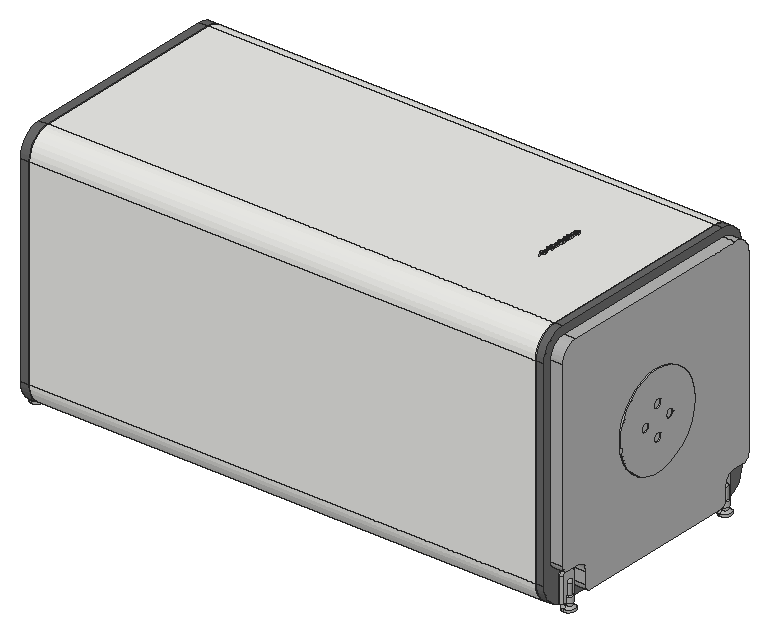
Revit family "HC_Heat Pump_MEPcontent_Itho Daalderop_WPV-H 3G_NL-NL1", category Mechanical Equipment, Revit 2021
Family settings
  Round Connector Dimension = Use Diameter
  Classification = None
  Part Type = Normal
  OmniClass Number = 23.75.10.21
  OmniClass Title = Heat Pumps
  Work Plane-Based = No
  Always vertical = Yes
  Cut with Voids When Loaded = No
  Shared = No
  Room Calculation Point = No
Parameters (values of type "WPV-H 200L 3G")
  Wholesaler Art. No. = ""
  Wholesaler = ""
  Width = 1302.00 mm
  White = Color RAL 9003
  Watermarked By = "https://mep.trimble.com"
  Voltage = 230 V
  URL = "https://mep.trimble.com"
  Top Clearance Safe [instance] = if(Top Clearance < 150.00 mm, 150.00 mm, Top Clearance)  # 150.00 mm
  Top Clearance [instance] = 150.00 mm
  Stabu Code = ""
  Show Service Space [instance] = no
  Right Clearance Safe [instance] = if(Right Clearance < 200.00 mm, 200.00 mm, Right Clearance)  # 200.00 mm
  Right Clearance [instance] = 200.00 mm
  Revit Version = "2021"  # constant formula
  Product Line = "Itho Daalderop"  # constant formula
  Power [instance] = 0 VA
  Phase = 1
  Model = "WPV-H 200L 3G"
  Manufacturer URL = "https://www.ithodaalderop.nl/nl-NL/professional/product/03-00730"
  Manufacturer Art. No. = "03-00730"
  Manufacturer = "Itho Daalderop"  # constant formula
  MEPcontent Class = "HEATPUMP"  # constant formula
  Light Grey = Color RAL 9006
  Left Clearance Safe [instance] = if(Left Clearance < 50.00 mm, 50.00 mm, Left Clearance)  # 50.00 mm
  Left Clearance [instance] = 50.00 mm
  Internal Art. No. = ""
  IFCExportType = "NOTDEFINED"  # constant formula
  IFCExportAs = "IfcPump"  # constant formula
  Hydronic Supply Flow [instance] = Hydronic Return Flow  # 0.0 L/s
  Hydronic Supply Diameter = 22.00 mm
  Hertz = 50 Hz
  GTIN = "8713418049166"
  GLN = "8712922000014"
  Function Code [instance] = ""
  Front Clearance [instance] = 50.00 mm
  Family Version = "23.10"  # constant formula
  ETIM Article Class = "EC011794"  # constant formula
  EMCS Version = "5.0"  # constant formula
  Hydronic Return Diameter = 22.00 mm
  Hydronic Return Flow [instance] = 0.0 L/s
  Height = 614.00 mm
  Front Clearance Safe [instance] = if(Front Clearance < 50.00 mm, 50.00 mm, Front Clearance)  # 50.00 mm
  Domestic Hot Water Flow [instance] = Domestic Cold Water Flow  # 0.0 L/s
  Domestic Hot Water Diameter = 22.00 mm
  Domestic Cold Water Flow [instance] = 0.0 L/s
  Domestic Cold Water Diameter = 22.00 mm
  Description = "Warmtepomp voorraadvat horizontaal"  # constant formula
  Depth = 600.00 mm
  Default Elevation = 0.00 mm
  Custom = no
  Copyright = "© Trimble Europe BV"  # constant formula
  Content Supplier URL = "www.MEPcontent.com"
  CB-NL Class = ""
  Black = Color RGB 050-050-050
  Base Family Version = "23.10"  # constant formula
  Back Clearance Safe [instance] = if(Back Clearance < 50.00 mm, 50.00 mm, Back Clearance)  # 50.00 mm
  Back Clearance [instance] = 50.00 mm
  Article Type = "WPV-H 200L 3G"
  Article Description = "Warmtepomp voorraadvat horizontaal"
Types (3, lengths in mm): name | Width | Model | Manufacturer URL | Manufacturer Art. No. | GTIN | Article Type
  WPV-H 200L 3G | 1302.00 | "WPV-H 200L 3G" | "https://www.ithodaalderop.nl/nl-NL/professional/product/03-00730" | "03-00730" | "8713418049166" | "WPV-H 200L 3G"
  WPV-H 240L 3G | 1540.00 | "WPV-H 240L 3G" | "https://www.ithodaalderop.nl/nl-NL/professional/product/03-00731" | "03-00731" | "8713418049173" | "WPV-H 240L 3G"
  WPV-H 270L 3G | 1690.00 | "WPV-H 270L 3G" | "https://www.ithodaalderop.nl/nl-NL/professional/product/03-00732" | "03-00732" | "8713418049180" | "WPV-H 270L 3G"
Reference planes
  plane 1 "Center (Elevation)": y = 0
  plane 2: z = 0
  plane 3 "Center (Left/Right)": x = 0
  plane 4: x = -651
  plane 5: x = 651
  plane 6: x = -630
  plane 7: x = 600
Forms (mm)
  Extrusion 1, solid, material "Color RAL 9003" <- "White", detail levels fine
    sketch origin (0, 0, 314) x (0, 1, 0) y (0, 0, 1)
      loop
        line (242.4, 300) -> (-242.4, 300)
        arc (-242.4, 300) -> (-283.129, 283.129) -> (-300, 242.4) r 57.6
        line (-300, 242.4) -> (-300, -242.4)
        arc (-300, -242.4) -> (-283.129, -283.129) -> (-242.4, -300) r 57.6
        line (-242.4, -300) -> (242.4, -300)
        arc (242.4, -300) -> (283.129, -283.129) -> (300, -242.4) r 57.6
        line (300, -242.4) -> (300, 242.4)
        arc (300, 242.4) -> (283.129, 283.129) -> (242.4, 300) r 57.6
    from -630 to 600
  Extrusion 2, solid, material "Color RGB 050-050-050" <- "Black", detail levels fine
    sketch origin (-2020, 0, 314) x (0, 1, 0) y (0, 0, 1)
      loop
        line (242.4, 300) -> (-242.4, 300)
        arc (-242.4, 300) -> (-283.129, 283.129) -> (-300, 242.4) r 57.6
        line (-300, 242.4) -> (-300, -242.4)
        arc (-300, -242.4) -> (-283.129, -283.129) -> (-242.4, -300) r 57.6
        line (-242.4, -300) -> (242.4, -300)
        arc (242.4, -300) -> (283.129, -283.129) -> (300, -242.4) r 57.6
        line (300, -242.4) -> (300, 242.4)
        arc (300, 242.4) -> (283.129, 283.129) -> (242.4, 300) r 57.6
    from 1369 to 1390
  Extrusion 3, solid, material "Color RGB 050-050-050" <- "Black", detail levels fine
    sketch origin (-751.468, 0, 314) x (0, 1, 0) y (0, 0, 1)
      loop
        line (242.4, 300) -> (-242.4, 300)
        arc (-242.4, 300) -> (-283.129, 283.129) -> (-300, 242.4) r 57.6
        line (-300, 242.4) -> (-300, -242.4)
        arc (-300, -242.4) -> (-283.129, -283.129) -> (-242.4, -300) r 57.6
        line (-242.4, -300) -> (242.4, -300)
        arc (242.4, -300) -> (283.129, -283.129) -> (300, -242.4) r 57.6
        line (300, -242.4) -> (300, 242.4)
        arc (300, 242.4) -> (283.129, 283.129) -> (242.4, 300) r 57.6
    from 1351.468 to 1371.468
  Extrusion 4, solid, material "Color RAL 9006" <- "Light Grey", detail levels fine
    sketch origin (620, 0, 314) x (0, 1, 0) y (0, 0, 1)
      loop
        line (242.5, 281.5) -> (-242.5, 281.5)
        arc (-242.5, 281.5) -> (-270.077, 270.077) -> (-281.5, 242.5) r 39
        line (-281.5, 242.5) -> (-281.5, -196.5)
        arc (-281.5, -196.5) -> (-277.107, -207.107) -> (-266.5, -211.5) r 15
        line (-266.5, -211.5) -> (-237, -211.5)
        arc (-237, -211.5) -> (-218.969, -218.969) -> (-211.5, -237) r 25.5
        line (-211.5, -237) -> (-211.5, -266.5)
        arc (-211.5, -266.5) -> (-207.107, -277.107) -> (-196.5, -281.5) r 15
        line (-196.5, -281.5) -> (196.5, -281.5)
        arc (196.5, -281.5) -> (207.107, -277.107) -> (211.5, -266.5) r 15
        line (211.5, -266.5) -> (211.5, -237)
        arc (211.5, -237) -> (218.969, -218.969) -> (237, -211.5) r 25.5
        line (237, -211.5) -> (266.5, -211.5)
        arc (266.5, -211.5) -> (277.107, -207.107) -> (281.5, -196.5) r 15
        line (281.5, -196.5) -> (281.5, 242.5)
        arc (281.5, 242.5) -> (270.077, 270.077) -> (242.5, 281.5) r 39
    from 0 to 31
  Extrusion 5, solid, material "Color RAL 9006" <- "Light Grey", detail levels fine
    sketch origin (651, 0, 314) x (0, 1, 0) y (0, 0, 1)
      loop
        circle (0, 0) r 112.5
    from 0 to 5
  Extrusion 6, void
    sketch origin (656, 0, 314) x (0, 1, 0) y (0, 0, 1)
      loop
        circle (0, 36.8) r 11
      loop
        circle (-36.8, 0) r 11
      loop
        circle (0, -36.8) r 11
      loop
        circle (36.8, 0) r 11
    from 0 to -5
  Extrusion 7, solid, material "Color RAL 9006" <- "Light Grey", detail levels fine
    sketch origin (620, 0, 314) x (0, 1, 0) y (0, 0, 1)
      loop
        line (216.7, -237.1) -> (216.7, -296.5) -> (257.1, -296.5) -> (257.1, -237.1)
        arc (257.1, -237.1) -> (236.9, -216.9) -> (216.7, -237.1) r 20.2
      loop
        arc (-216.7, -237.1) -> (-236.9, -216.9) -> (-257.1, -237.1) r 20.2
        line (-257.1, -237.1) -> (-257.1, -296.5) -> (-216.7, -296.5) -> (-216.7, -237.1)
    from 0 to 5
  Blend 8, solid, material "Color RAL 9006" <- "Light Grey", detail levels fine
    base sketch origin (625, 0, 314) x (0, 1, 0) y (0, 0, 1)
      loop
        line (257.1, -296.5) -> (257.1, -237.1)
        arc (257.1, -237.1) -> (236.9, -216.9) -> (216.7, -237.1) r 20.2
        line (216.7, -237.1) -> (216.7, -296.5) -> (257.1, -296.5)
    top sketch origin (625, 0, 314) x (0, 1, 0) y (0, 0, 1)
      loop
        line (251.9, -296.5) -> (251.9, -237.1)
        arc (251.9, -237.1) -> (236.9, -222.1) -> (221.9, -237.1) r 15
        line (221.9, -237.1) -> (221.9, -296.5) -> (251.9, -296.5)
    from 0 to 5.2
  Revolve 9, solid, material "Color RAL 9006" <- "Light Grey", detail levels fine
    sketch origin (630.2, 0, 314) x (0, 1, 0) y (0, 0, 1)
      loop
        line (246.6, -296.5) -> (246.6, -285) -> (243.3, -281.7) -> (243.3, -254.9)
        arc (243.3, -254.9) -> (241.425, -250.375) -> (236.9, -248.5) r 6.4
        line (236.9, -248.5) -> (236.9, -296.5) -> (246.6, -296.5)
      axis (236.9, -296.5) -> (236.9, -248.5)
    angle from 0 to 360
  Blend 10, solid, material "Color RAL 9006" <- "Light Grey", detail levels fine
    base sketch origin (625, 0, 314) x (0, 1, 0) y (0, 0, 1)
      loop
        line (-257.1, -296.5) -> (-216.7, -296.5) -> (-216.7, -237.1)
        arc (-216.7, -237.1) -> (-236.9, -216.9) -> (-257.1, -237.1) r 20.2
        line (-257.1, -237.1) -> (-257.1, -296.5)
    top sketch origin (625, 0, 314) x (0, 1, 0) y (0, 0, 1)
      loop
        line (-251.9, -296.5) -> (-221.9, -296.5) -> (-221.9, -237.1)
        arc (-221.9, -237.1) -> (-236.9, -222.1) -> (-251.9, -237.1) r 15
        line (-251.9, -237.1) -> (-251.9, -296.5)
    from 0 to 5.2
  Revolve 11, solid, material "Color RAL 9006" <- "Light Grey", detail levels fine
    sketch origin (630.2, 0, 314) x (0, 1, 0) y (0, 0, 1)
      loop
        line (-246.6, -296.5) -> (-236.9, -296.5) -> (-236.9, -248.5)
        arc (-236.9, -248.5) -> (-241.425, -250.375) -> (-243.3, -254.9) r 6.4
        line (-243.3, -254.9) -> (-243.3, -281.7) -> (-246.6, -285) -> (-246.6, -296.5)
      axis (-236.9, -296.5) -> (-236.9, -248.5)
    angle from 0 to 360
  Extrusion 12, solid, material "Color RAL 9006" <- "Light Grey", detail levels fine
    sketch origin (-651, 0, 314) x (0, -1, 0) y (0, 0, 1)
      loop
        arc (-216.7, -237.1) -> (-236.9, -216.9) -> (-257.1, -237.1) r 20.2
        line (-257.1, -237.1) -> (-257.1, -296.5) -> (-216.7, -296.5) -> (-216.7, -237.1)
      loop
        line (216.7, -237.1) -> (216.7, -296.5) -> (257.1, -296.5) -> (257.1, -237.1)
        arc (257.1, -237.1) -> (236.9, -216.9) -> (216.7, -237.1) r 20.2
    from 0 to 5
  Revolve 13, solid, material "Color RAL 9006" <- "Light Grey", detail levels fine
    sketch origin (-661.2, 0, 314) x (0, 1, 0) y (0, 0, -1)
      loop
        line (-246.6, 296.5) -> (-246.6, 285) -> (-243.3, 281.7) -> (-243.3, 254.9)
        arc (-243.3, 254.9) -> (-241.425, 250.375) -> (-236.9, 248.5) r 6.4
        line (-236.9, 248.5) -> (-236.9, 296.5) -> (-246.6, 296.5)
      axis (-236.9, 296.5) -> (-236.9, 248.5)
    angle from 0 to 360
  Blend 14, solid, material "Color RAL 9006" <- "Light Grey", detail levels fine
    base sketch origin (-656, 0, 314) x (0, -1, 0) y (0, 0, 1)
      loop
        line (-257.1, -296.5) -> (-216.7, -296.5) -> (-216.7, -237.1)
        arc (-216.7, -237.1) -> (-236.9, -216.9) -> (-257.1, -237.1) r 20.2
        line (-257.1, -237.1) -> (-257.1, -296.5)
    top sketch origin (-656, 0, 314) x (0, -1, 0) y (0, 0, 1)
      loop
        line (-251.9, -296.5) -> (-221.9, -296.5) -> (-221.9, -237.1)
        arc (-221.9, -237.1) -> (-236.9, -222.1) -> (-251.9, -237.1) r 15
        line (-251.9, -237.1) -> (-251.9, -296.5)
    from 0 to 5.2
  Revolve 15, solid, material "Color RAL 9006" <- "Light Grey", detail levels fine
    sketch origin (-661.2, 0, 314) x (0, 1, 0) y (0, 0, -1)
      loop
        line (246.6, 296.5) -> (236.9, 296.5) -> (236.9, 248.5)
        arc (236.9, 248.5) -> (241.425, 250.375) -> (243.3, 254.9) r 6.4
        line (243.3, 254.9) -> (243.3, 281.7) -> (246.6, 285) -> (246.6, 296.5)
      axis (236.9, 296.5) -> (236.9, 248.5)
    angle from 0 to 360
  Revolve 16, solid, material "Color RAL 9006" <- "Light Grey", detail levels fine
    sketch origin (630.2, 0, 314) x (0, 1, 0) y (0, 0, 1)
      loop
        line (236.9, -296.5) -> (236.9, -314) -> (251.9, -314) -> (251.9, -310) -> (244.7, -304) -> (244.7, -300) -> (240.9, -300) -> (240.9, -296.5) -> (236.9, -296.5)
      axis (236.9, -314) -> (236.9, -296.5)
    angle from 0 to 360
  Revolve 17, solid, material "Color RAL 9006" <- "Light Grey", detail levels fine
    sketch origin (630.2, 0, 314) x (0, 1, 0) y (0, 0, 1)
      loop
        line (-236.9, -296.5) -> (-240.9, -296.5) -> (-240.9, -300) -> (-244.7, -300) -> (-244.7, -304) -> (-251.9, -310) -> (-251.9, -314) -> (-236.9, -314) -> (-236.9, -296.5)
      axis (-236.9, -314) -> (-236.9, -296.5)
    angle from 0 to 360
  Revolve 18, solid, material "Color RAL 9006" <- "Light Grey", detail levels fine
    sketch origin (-661.2, 0, 314) x (0, 1, 0) y (0, 0, -1)
      loop
        line (236.9, 296.5) -> (240.9, 296.5) -> (240.9, 300) -> (244.7, 300) -> (244.7, 304) -> (251.9, 310) -> (251.9, 314) -> (236.9, 314) -> (236.9, 296.5)
      axis (236.9, 314) -> (236.9, 296.5)
    angle from 0 to 360
  Revolve 19, solid, material "Color RAL 9006" <- "Light Grey", detail levels fine
    sketch origin (-661.2, 0, 314) x (0, 1, 0) y (0, 0, -1)
      loop
        line (-236.9, 296.5) -> (-236.9, 314) -> (-251.9, 314) -> (-251.9, 310) -> (-244.7, 304) -> (-244.7, 300) -> (-240.9, 300) -> (-240.9, 296.5) -> (-236.9, 296.5)
      axis (-236.9, 314) -> (-236.9, 296.5)
    angle from 0 to 360
  Extrusion 20, solid, material "Color RAL 9006" <- "Light Grey", detail levels fine
    sketch origin (631.817, -18.226, 582.174) x (0, 1, 0) y (-1, 0, 0)
      loop
        line (-38.16, 215.771) -> (-28.741, 211.245)
        arc (-28.741, 211.245) -> (-27.031, 210.833) -> (-25.303, 211.157) r 4.196
        line (-25.303, 211.157) -> (-22.12, 212.683)
        arc (-22.12, 212.683) -> (-24.211, 212.527) -> (-26.23, 213.094) r 6.055
        line (-26.23, 213.094) -> (-35.052, 217.332)
        arc (-35.052, 217.332) -> (-36.817, 217.774) -> (-38.613, 217.483) r 4.516
        line (-38.613, 217.483) -> (-41.795, 215.958)
        arc (-41.795, 215.958) -> (-39.959, 216.229) -> (-38.16, 215.771) r 4.712
      loop
        line (-33.09, 218.18) -> (-23.671, 213.654)
        arc (-23.671, 213.654) -> (-21.962, 213.242) -> (-20.233, 213.566) r 4.196
        line (-20.233, 213.566) -> (-17.05, 215.091)
        arc (-17.05, 215.091) -> (-19.141, 214.936) -> (-21.16, 215.503) r 6.055
        line (-21.16, 215.503) -> (-29.982, 219.741)
        arc (-29.982, 219.741) -> (-31.747, 220.182) -> (-33.543, 219.891) r 4.516
        line (-33.543, 219.891) -> (-36.726, 218.366)
        arc (-36.726, 218.366) -> (-34.889, 218.638) -> (-33.09, 218.18) r 4.712
      loop
        arc (-31.705, 220.793) -> (-29.868, 221.065) -> (-28.07, 220.606) r 4.712
        line (-28.07, 220.606) -> (-18.65, 216.081)
        arc (-18.65, 216.081) -> (-16.941, 215.668) -> (-15.212, 215.993) r 4.196
        line (-15.212, 215.993) -> (-12.029, 217.518)
        arc (-12.029, 217.518) -> (-14.121, 217.362) -> (-16.14, 217.93) r 6.055
        line (-16.14, 217.93) -> (-24.961, 222.168)
        arc (-24.961, 222.168) -> (-26.726, 222.609) -> (-28.522, 222.318) r 4.516
        line (-28.522, 222.318) -> (-31.705, 220.793)
      loop
        line (-8.6, 219.17) -> (-8.6, 211.319) -> (-6.443, 211.319) -> (-6.443, 219.17) -> (-8.6, 219.17)
      loop
        line (-8.6, 220.384) -> (-6.443, 220.384) -> (-6.443, 222.162) -> (-8.6, 222.162) -> (-8.6, 220.384)
      loop
        line (-4.546, 219.17) -> (-5.853, 219.17) -> (-5.853, 217.724) -> (-4.546, 217.724) -> (-4.546, 213.097)
        arc (-4.546, 213.097) -> (-4.151, 211.963) -> (-3.137, 211.319) r 1.826
        line (-3.137, 211.319) -> (-0.811, 211.319) -> (-0.811, 212.991)
        arc (-0.811, 212.991) -> (-1.855, 212.944) -> (-2.39, 213.841) r 1.019
        line (-2.39, 213.841) -> (-2.39, 217.724) -> (-0.811, 217.724) -> (-0.811, 219.17) -> (-2.39, 219.17) -> (-2.39, 221.522) -> (-4.546, 221.522) -> (-4.546, 219.17)
      loop
        line (-0.159, 222.162) -> (-0.159, 211.319) -> (1.999, 211.319) -> (1.999, 216.228)
        arc (1.999, 216.228) -> (3.524, 217.753) -> (5.05, 216.228) r 1.525
        line (5.05, 216.228) -> (5.05, 211.319) -> (7.204, 211.319) -> (7.204, 216.385)
        arc (7.204, 216.385) -> (5.272, 219.16) -> (1.999, 218.312) r 2.959
        line (1.999, 218.312) -> (1.999, 222.162) -> (-0.159, 222.162)
      loop
        arc (11.752, 210.877) -> (15.846, 215.154) -> (11.858, 219.53) r 4.337
        arc (11.858, 219.53) -> (7.763, 215.253) -> (11.752, 210.877) r 4.337
      loop
        line (9.907, 215.87) -> (9.907, 214.537)
        arc (9.907, 214.537) -> (11.805, 212.639) -> (13.702, 214.537) r 1.898
        line (13.702, 214.537) -> (13.702, 215.87)
        arc (13.702, 215.87) -> (11.805, 217.767) -> (9.907, 215.87) r 1.898
      loop
        arc (21.482, 218.555) -> (18.746, 215.176) -> (21.494, 211.807) r 3.447
        arc (21.494, 211.807) -> (24.23, 215.186) -> (21.482, 218.555) r 3.447
      loop
        line (24.196, 213.26) -> (24.196, 211.319) -> (25.077, 211.319) -> (25.077, 222.162) -> (24.119, 222.162) -> (24.119, 217.264)
        spline (24.119, 217.264) -> (23.093, 218.516) -> (21.66, 219.163) -> (20.123, 219.023) -> (18.871, 218.088) -> (18.097, 216.679) -> (17.831, 215.085) -> (18.123, 213.502) -> (18.991, 212.158) -> (20.307, 211.304) -> (21.837, 211.194) -> (23.24, 211.941) -> (24.196, 213.26)
      loop
        spline (32.487, 216.801) -> (32.337, 217.821) -> (32.122, 218.292) -> (31.634, 218.791) -> (31.04, 219.098) -> (30.35, 219.259) -> (29.768, 219.284) -> (29.174, 219.271) -> (28.51, 219.179) -> (27.832, 218.942) -> (27.27, 218.562) -> (26.867, 218.126) -> (26.429, 216.694)
        line (26.429, 216.694) -> (27.385, 216.694)
        spline (27.385, 216.694) -> (28.605, 218.396) -> (30.227, 218.442) -> (31.428, 217.584) -> (31.233, 216.081) -> (29.574, 215.745) -> (27.857, 215.433) -> (26.569, 214.714) -> (26.117, 213.13) -> (26.71, 211.776) -> (28.236, 211.079) -> (29.884, 211.247) -> (31.603, 212.645)
        arc (31.603, 212.645) -> (31.513, 211.78) -> (32.25, 211.319) r 0.821
        line (32.25, 211.319) -> (33.352, 211.319) -> (33.352, 212.122)
        arc (33.352, 212.122) -> (32.773, 212.137) -> (32.487, 212.641) r 0.588
        line (32.487, 212.641) -> (32.487, 216.801)
      loop
        arc (28.08, 214.77) -> (27.087, 213.131) -> (28.46, 211.795) r 1.539
        spline (28.46, 211.795) -> (29.161, 211.834) -> (29.582, 211.927) -> (29.85, 212.034) -> (30.067, 212.131) -> (30.258, 212.232) -> (30.437, 212.355) -> (30.616, 212.511) -> (30.8, 212.705) -> (30.993, 212.939) -> (31.19, 213.241) -> (31.375, 213.672) -> (31.53, 214.293)
        line (31.53, 214.293) -> (31.53, 215.553) -> (30.675, 215.181) -> (28.08, 214.77)
      loop
        spline (39.968, 216.801) -> (39.817, 217.821) -> (39.602, 218.292) -> (39.114, 218.791) -> (38.52, 219.098) -> (37.83, 219.259) -> (37.249, 219.284) -> (36.654, 219.271) -> (35.99, 219.179) -> (35.313, 218.942) -> (34.751, 218.562) -> (34.347, 218.126) -> (33.909, 216.694)
        line (33.909, 216.694) -> (34.866, 216.694)
        spline (34.866, 216.694) -> (36.085, 218.396) -> (37.707, 218.442) -> (38.909, 217.584) -> (38.714, 216.081) -> (37.055, 215.745) -> (35.338, 215.433) -> (34.049, 214.714) -> (33.598, 213.13) -> (34.191, 211.776) -> (35.716, 211.079) -> (37.365, 211.247) -> (39.083, 212.645)
        arc (39.083, 212.645) -> (38.993, 211.78) -> (39.73, 211.319) r 0.821
        line (39.73, 211.319) -> (40.832, 211.319) -> (40.832, 212.122)
        arc (40.832, 212.122) -> (40.253, 212.137) -> (39.968, 212.641) r 0.588
        line (39.968, 212.641) -> (39.968, 216.801)
      loop
        arc (35.56, 214.77) -> (34.568, 213.131) -> (35.941, 211.795) r 1.539
        spline (35.941, 211.795) -> (36.642, 211.834) -> (37.062, 211.927) -> (37.331, 212.034) -> (37.547, 212.131) -> (37.738, 212.232) -> (37.918, 212.355) -> (38.097, 212.511) -> (38.281, 212.705) -> (38.473, 212.939) -> (38.671, 213.241) -> (38.855, 213.672) -> (39.01, 214.293)
        line (39.01, 214.293) -> (39.01, 215.553) -> (38.156, 215.181) -> (35.56, 214.77)
      loop
        arc (47.079, 218.555) -> (44.343, 215.176) -> (47.092, 211.807) r 3.447
        arc (47.092, 211.807) -> (49.827, 215.186) -> (47.079, 218.555) r 3.447
      loop
        line (49.794, 213.26) -> (49.794, 211.319) -> (50.675, 211.319) -> (50.675, 222.162) -> (49.717, 222.162) -> (49.717, 217.264)
        spline (49.717, 217.264) -> (48.691, 218.516) -> (47.257, 219.163) -> (45.721, 219.023) -> (44.468, 218.088) -> (43.695, 216.679) -> (43.428, 215.085) -> (43.72, 213.502) -> (44.589, 212.158) -> (45.905, 211.304) -> (47.435, 211.194) -> (48.838, 211.941) -> (49.794, 213.26)
      loop
        line (41.537, 222.162) -> (41.537, 211.319) -> (42.492, 211.319) -> (42.492, 222.162) -> (41.537, 222.162)
      loop
        line (58.52, 213.901) -> (57.74, 213.901)
        arc (57.74, 213.901) -> (54.691, 211.977) -> (52.692, 214.978) r 2.581
        line (52.692, 214.978) -> (58.707, 214.978)
        spline (58.707, 214.978) -> (58.403, 216.897) -> (57.348, 218.523) -> (55.698, 219.396) -> (53.881, 219.114) -> (52.431, 217.89) -> (51.698, 216.109) -> (51.782, 214.166) -> (52.599, 212.415) -> (54.089, 211.294) -> (55.931, 211.227) -> (57.558, 212.193) -> (58.52, 213.901)
      loop
        arc (57.714, 215.782) -> (55.196, 218.482) -> (52.679, 215.782) r 2.524
        line (52.679, 215.782) -> (57.714, 215.782)
      loop
        arc (60.577, 215.782) -> (61.499, 217.66) -> (63.49, 218.303) r 2.681
        line (63.49, 218.303) -> (63.49, 219.26)
        arc (63.49, 219.26) -> (61.67, 218.789) -> (60.501, 217.318) r 2.961
        line (60.501, 217.318) -> (60.501, 219.155) -> (59.618, 219.155) -> (59.618, 211.319) -> (60.577, 211.319) -> (60.577, 215.782)
      loop
        arc (66.454, 210.978) -> (70.18, 215.211) -> (66.501, 219.484) r 4.294
        arc (66.501, 219.484) -> (62.775, 215.252) -> (66.454, 210.978) r 4.294
      loop
        arc (66.469, 218.629) -> (63.627, 215.224) -> (66.485, 211.833) r 3.45
        arc (66.485, 211.833) -> (69.328, 215.238) -> (66.469, 218.629) r 3.45
      loop
        line (72.069, 217.323) -> (72.069, 219.263) -> (71.188, 219.263) -> (71.188, 208.42) -> (72.146, 208.42) -> (72.146, 213.318)
        spline (72.146, 213.318) -> (73.172, 212.066) -> (74.606, 211.419) -> (76.142, 211.559) -> (77.395, 212.494) -> (78.168, 213.903) -> (78.435, 215.497) -> (78.143, 217.08) -> (77.274, 218.424) -> (75.958, 219.279) -> (74.428, 219.388) -> (73.025, 218.641) -> (72.069, 217.323)
      loop
        arc (74.771, 218.775) -> (72.036, 215.396) -> (74.784, 212.027) r 3.447
        arc (74.784, 212.027) -> (77.52, 215.406) -> (74.771, 218.775) r 3.447
    from 31.826 to 34.326
  Blend 21, solid, material "Color RAL 9006" <- "Light Grey", detail levels fine
    base sketch origin (-656, 0, 314) x (0, 1, 0) y (0, 0, -1)
      loop
        line (-257.1, 296.5) -> (-257.1, 237.1)
        arc (-257.1, 237.1) -> (-236.9, 216.9) -> (-216.7, 237.1) r 20.2
        line (-216.7, 237.1) -> (-216.7, 296.5) -> (-257.1, 296.5)
    top sketch origin (-656, 0, 314) x (0, 1, 0) y (0, 0, -1)
      loop
        line (-251.9, 296.5) -> (-251.9, 237.1)
        arc (-251.9, 237.1) -> (-236.9, 222.1) -> (-221.9, 237.1) r 15
        line (-221.9, 237.1) -> (-221.9, 296.5) -> (-251.9, 296.5)
    from 0 to 5.2
  Extrusion 22, solid, detail levels coarse+medium
    sketch origin (0, 0, 0) x (0, 1, 0) y (0, 0, 1)
      loop
        line (300, 71.6) -> (300, 556.4)
        arc (300, 556.4) -> (283.129, 597.129) -> (242.4, 614) r 57.6
        line (242.4, 614) -> (-242.4, 614)
        arc (-242.4, 614) -> (-283.129, 597.129) -> (-300, 556.4) r 57.6
        line (-300, 556.4) -> (-300, 71.6)
        arc (-300, 71.6) -> (-283.129, 30.871) -> (-242.4, 14) r 57.6
        line (-242.4, 14) -> (242.4, 14)
        arc (242.4, 14) -> (283.129, 30.871) -> (300, 71.6) r 57.6
    from -651 to 620
  Extrusion 23, solid, detail levels coarse+medium
    sketch origin (620, 0, 0) x (0, 1, 0) y (0, 0, 1)
      loop
        line (242.5, 595.5) -> (-242.5, 595.5)
        arc (-242.5, 595.5) -> (-270.077, 584.077) -> (-281.5, 556.5) r 39
        line (-281.5, 556.5) -> (-281.5, 102.5) -> (-211.5, 102.5) -> (-211.5, 32.5) -> (211.5, 32.5) -> (211.5, 102.5) -> (281.5, 102.5) -> (281.5, 556.5)
        arc (281.5, 556.5) -> (270.077, 584.077) -> (242.5, 595.5) r 39
    from 0 to 31
  Extrusion 24, solid, detail levels coarse+medium
    sketch origin (651, 0, 0) x (0, 1, 0) y (0, 0, 1)
      loop
        circle (0, 314) r 112.5
    from 0 to 5
  Extrusion 25, solid, detail levels coarse+medium
    sketch origin (620, 0, 0) x (0, 1, 0) y (0, 0, 1)
      loop
        line (216.7, 97.1) -> (216.7, 17.5) -> (257.1, 17.5) -> (257.1, 97.1) -> (216.7, 97.1)
      loop
        line (-216.7, 97.1) -> (-257.1, 97.1) -> (-257.1, 17.5) -> (-216.7, 17.5) -> (-216.7, 97.1)
    from 0 to 19.9
  Extrusion 26, solid, detail levels coarse+medium
    sketch origin (-651, 0, 0) x (0, -1, 0) y (0, 0, 1)
      loop
        line (-216.7, 97.1) -> (-257.1, 97.1) -> (-257.1, 17.5) -> (-216.7, 17.5) -> (-216.7, 97.1)
      loop
        line (216.7, 97.1) -> (216.7, 17.5) -> (257.1, 17.5) -> (257.1, 97.1) -> (216.7, 97.1)
    from 0 to 19.9
  Revolve 27, solid, detail levels coarse+medium
    sketch origin (630.2, 0, 314) x (0, 1, 0) y (0, 0, 1)
      loop
        line (-236.9, -296.5) -> (-240.9, -296.5) -> (-240.9, -300) -> (-244.7, -300) -> (-244.7, -304) -> (-251.9, -310) -> (-251.9, -314) -> (-236.9, -314) -> (-236.9, -296.5)
      axis (-236.9, -314) -> (-236.9, -296.5)
    angle from 0 to 360
  Revolve 28, solid, detail levels coarse+medium
    sketch origin (630.2, 0, 314) x (0, 1, 0) y (0, 0, 1)
      loop
        line (236.9, -296.5) -> (236.9, -314) -> (251.9, -314) -> (251.9, -310) -> (244.7, -304) -> (244.7, -300) -> (240.9, -300) -> (240.9, -296.5) -> (236.9, -296.5)
      axis (236.9, -314) -> (236.9, -296.5)
    angle from 0 to 360
  Revolve 29, solid, detail levels coarse+medium
    sketch origin (-661.2, 0, 314) x (0, 1, 0) y (0, 0, -1)
      loop
        line (-236.9, 296.5) -> (-236.9, 314) -> (-251.9, 314) -> (-251.9, 310) -> (-244.7, 304) -> (-244.7, 300) -> (-240.9, 300) -> (-240.9, 296.5) -> (-236.9, 296.5)
      axis (-236.9, 314) -> (-236.9, 296.5)
    angle from 0 to 360
  Revolve 30, solid, detail levels coarse+medium
    sketch origin (-661.2, 0, 314) x (0, 1, 0) y (0, 0, -1)
      loop
        line (236.9, 296.5) -> (240.9, 296.5) -> (240.9, 300) -> (244.7, 300) -> (244.7, 304) -> (251.9, 310) -> (251.9, 314) -> (236.9, 314) -> (236.9, 296.5)
      axis (236.9, 314) -> (236.9, 296.5)
    angle from 0 to 360
Cuts and joins
  joined: Extrusion 7, Blend 8, Revolve 9, Blend 10, Revolve 11, Revolve 16, Revolve 17
  joined: Extrusion 12, Revolve 13, Blend 14, Revolve 15, Revolve 18, Revolve 19, Blend 21
  Extrusion 6 cuts Extrusion 5
  joined: Extrusion 4, Extrusion 5
  Extrusion 6 cuts Extrusion 24
  joined: Extrusion 23, Extrusion 24
Dimensions and locks
  equal spacing: plane 5, plane 3 "Center (Left/Right)", plane 4
  "Width": plane 5 to plane 4
  locked: plane 6 to plane 4 at 21
  plane 5 to plane 7 = 51.00 mm
  locked: plane 7 to Extrusion 3 at 20
  locked: Extrusion 3 to cut or joined group of Extrusion 4, Extrusion 5, Extrusion 6 at 31
  "Back Clearance Safe": nested 1 to Extrusion 2
  aligned and locked: level to plane 2
  aligned and locked: Extrusion 1 to plane 6
  aligned and locked: Extrusion 1 to plane 7
  aligned and locked: Extrusion 2 to Extrusion 1
  aligned and locked: Extrusion 2 to plane 4
  aligned and locked: plane 7 to Extrusion 3
  aligned and locked: Extrusion 22 to Extrusion 3
  aligned and locked: Extrusion 22 to plane 4
Automatic sketch dimensions
  level to Extrusion 1 sketch curve = 71.60 mm  (x2)
  plane 1 "Center (Elevation)" to Extrusion 1 sketch curve = 300.00 mm
  level to Extrusion 1 sketch curve = 14.00 mm
  Extrusion 1 sketch curve to Extrusion 1 sketch curve = 57.60 mm  (x2)
  Extrusion 1 sketch curve to plane 1 "Center (Elevation)" = 242.40 mm
  Extrusion 1 sketch curve to Extrusion 1 sketch curve = 484.80 mm
  level to Extrusion 2 sketch curve = 71.60 mm  (x2)
  plane 1 "Center (Elevation)" to Extrusion 2 sketch curve = 300.00 mm
  level to Extrusion 2 sketch curve = 14.00 mm
  Extrusion 2 sketch curve to Extrusion 2 sketch curve = 57.60 mm  (x2)
  Extrusion 2 sketch curve to plane 1 "Center (Elevation)" = 242.40 mm
  Extrusion 2 sketch curve to Extrusion 2 sketch curve = 484.80 mm
  level to Extrusion 3 sketch curve = 71.60 mm  (x2)
  plane 1 "Center (Elevation)" to Extrusion 3 sketch curve = 300.00 mm
  level to Extrusion 3 sketch curve = 14.00 mm
  Extrusion 3 sketch curve to Extrusion 3 sketch curve = 57.60 mm  (x2)
  Extrusion 3 sketch curve to plane 1 "Center (Elevation)" = 242.40 mm
  Extrusion 3 sketch curve to Extrusion 3 sketch curve = 484.80 mm
  Extrusion 4 sketch curve to Extrusion 3 = 18.50 mm  (x4)
  Extrusion 4 sketch curve to Extrusion 4 sketch curve = 15.00 mm  (x3)
  Extrusion 4 sketch curve to Extrusion 4 sketch curve = 39.00 mm
  Extrusion 4 sketch curve to Extrusion 4 sketch curve = 29.50 mm  (x4)
  Extrusion 4 sketch curve to Extrusion 4 sketch curve = 25.50 mm  (x2)
  Extrusion 4 sketch curve to Extrusion 3 = 103.50 mm
  Extrusion 4 sketch curve to Extrusion 3 = 57.50 mm
  Extrusion 5 sketch curve to Extrusion 4 = 211.50 mm  (x2)
  Extrusion 6 sketch curve to Extrusion 6 sketch curve = 36.80 mm  (x6)
  Extrusion 7 sketch curve to Extrusion 3 = 3.50 mm  (x2)
  Extrusion 7 sketch curve to Extrusion 3 = 42.90 mm
  Extrusion 7 sketch curve to Extrusion 7 sketch curve = 20.20 mm  (x2)
  Extrusion 7 sketch curve to Extrusion 3 = 83.30 mm
  Extrusion 7 sketch curve to Extrusion 7 sketch curve = 59.40 mm  (x2)
  Extrusion 7 to Blend 8 sketch curve = 0.00 mm  (x2)
  Blend 8 to Revolve 9 sketch curve = 0.00 mm  (x2)
  Revolve 9 sketch curve to Blend 8 = 15.00 mm
  Revolve 9 sketch curve to Revolve 9 sketch curve = 6.40 mm
  Revolve 9 sketch curve to Revolve 9 sketch curve = 3.30 mm  (x2)
  Revolve 9 sketch curve to Blend 8 = 11.50 mm
  Revolve 9 sketch curve to Revolve 9 sketch curve = 26.80 mm
  Revolve 9 sketch curve to Revolve 9 sketch curve = 0.00 mm
  Revolve 9 sketch curve to Revolve 9 sketch curve = 10.279 mm
  Blend 10 sketch curve to Extrusion 7 = 0.00 mm  (x2)
  Blend 10 to Revolve 11 sketch curve = 0.00 mm  (x2)
  Revolve 11 sketch curve to Blend 10 = 5.30 mm
  Revolve 11 sketch curve to Revolve 11 sketch curve = 3.30 mm  (x2)
  Revolve 11 sketch curve to Revolve 11 sketch curve = 6.40 mm
  Revolve 11 sketch curve to Blend 10 = 11.50 mm
  Revolve 11 sketch curve to Revolve 11 sketch curve = 26.80 mm
  Revolve 11 sketch curve to Revolve 11 sketch curve = 0.00 mm
  Revolve 11 sketch curve to Revolve 11 sketch curve = 10.279 mm
  Extrusion 12 sketch curve to Extrusion 2 = 3.50 mm  (x2)
  Extrusion 12 sketch curve to Extrusion 2 = 42.90 mm
  Extrusion 12 sketch curve to Extrusion 12 sketch curve = 20.20 mm  (x2)
  Extrusion 12 sketch curve to Extrusion 2 = 83.30 mm
  Extrusion 12 sketch curve to Extrusion 12 sketch curve = 59.40 mm  (x2)
  Blend 21 to Revolve 13 sketch curve = 0.00 mm  (x2)
  Revolve 13 sketch curve to Blend 21 = 5.30 mm
  Revolve 13 sketch curve to Revolve 13 sketch curve = 3.30 mm  (x2)
  Revolve 13 sketch curve to Revolve 13 sketch curve = 6.40 mm
  Revolve 13 sketch curve to Blend 21 = 11.50 mm
  Revolve 13 sketch curve to Revolve 13 sketch curve = 26.80 mm
  Revolve 13 sketch curve to Revolve 13 sketch curve = 0.00 mm
  Revolve 13 sketch curve to Revolve 13 sketch curve = 10.279 mm
  Blend 14 sketch curve to Extrusion 12 = 0.00 mm
  Extrusion 12 to Blend 14 sketch curve = 0.00 mm
  Revolve 15 sketch curve to Blend 21 = 0.00 mm  (x2)
  Revolve 15 sketch curve to Blend 21 = 48.00 mm
  Blend 21 to Revolve 15 sketch curve = 458.80 mm
  Revolve 15 sketch curve to Revolve 15 sketch curve = 6.40 mm
  Revolve 15 sketch curve to Revolve 15 sketch curve = 3.30 mm  (x2)
  Revolve 15 sketch curve to Blend 21 = 14.80 mm
  Revolve 15 sketch curve to Revolve 15 sketch curve = 0.00 mm
  Revolve 15 sketch curve to Revolve 15 sketch curve = 10.279 mm
  Blend 10 to Revolve 16 sketch curve = 0.00 mm
  Blend 10 to Revolve 16 sketch curve = 458.80 mm
  Revolve 16 sketch curve to Revolve 16 sketch curve = 4.00 mm  (x2)
  Blend 10 to Revolve 16 sketch curve = 7.50 mm
  Revolve 16 sketch curve to Revolve 16 sketch curve = 3.80 mm
  Revolve 16 sketch curve to Revolve 16 sketch curve = 7.20 mm
  Revolve 16 sketch curve to Revolve 16 sketch curve = 6.00 mm
  Blend 10 to Revolve 16 sketch curve = 3.50 mm
  Revolve 16 sketch curve to Revolve 16 sketch curve = 0.00 mm  (x2)
  Revolve 16 sketch curve to Blend 10 = 4.045 mm
  Revolve 17 sketch curve to Blend 10 = 0.00 mm
  Blend 10 to Revolve 17 sketch curve = 0.00 mm
  Revolve 17 sketch curve to Blend 10 = 7.20 mm
  Revolve 17 sketch curve to Revolve 17 sketch curve = 3.80 mm
  Revolve 17 sketch curve to Revolve 17 sketch curve = 7.80 mm
  Blend 10 to Revolve 17 sketch curve = 3.50 mm
  Revolve 17 sketch curve to Revolve 17 sketch curve = 4.00 mm  (x2)
  Revolve 17 sketch curve to Revolve 17 sketch curve = 6.00 mm
  Revolve 17 sketch curve to Revolve 17 sketch curve = 0.00 mm  (x2)
  Revolve 17 sketch curve to Blend 10 = 4.045 mm
  Revolve 18 sketch curve to Blend 21 = 0.00 mm
  Blend 21 to Revolve 18 sketch curve = 458.80 mm
  Revolve 18 sketch curve to Revolve 18 sketch curve = 4.00 mm
  Blend 21 to Revolve 18 sketch curve = 7.50 mm
  Revolve 18 sketch curve to Revolve 18 sketch curve = 3.80 mm
  Revolve 18 sketch curve to Revolve 18 sketch curve = 7.20 mm
  Revolve 18 sketch curve to Revolve 18 sketch curve = 3.50 mm
  Revolve 18 sketch curve to Revolve 18 sketch curve = 6.00 mm
  Revolve 18 sketch curve to Revolve 18 sketch curve = 10.00 mm
  Revolve 18 sketch curve to Revolve 18 sketch curve = 0.00 mm  (x2)
  Revolve 18 sketch curve to Blend 21 = 4.045 mm
  Revolve 19 sketch curve to Blend 21 = 0.00 mm
  Blend 21 to Revolve 19 sketch curve = 0.00 mm
  Revolve 19 sketch curve to Blend 21 = 7.20 mm
  Revolve 19 sketch curve to Revolve 19 sketch curve = 3.80 mm
  Revolve 19 sketch curve to Revolve 19 sketch curve = 7.80 mm
  Revolve 19 sketch curve to Revolve 19 sketch curve = 3.50 mm
  Revolve 19 sketch curve to Revolve 19 sketch curve = 4.00 mm
  Revolve 19 sketch curve to Revolve 19 sketch curve = 6.00 mm
  Revolve 19 sketch curve to Revolve 19 sketch curve = 10.00 mm
  Revolve 19 sketch curve to Revolve 19 sketch curve = 0.00 mm  (x2)
  Revolve 19 sketch curve to Blend 21 = 4.045 mm
  plane 1 "Center (Elevation)" to Extrusion 20 sketch curve = 60.021 mm
  Extrusion 20 sketch curve to Extrusion 20 sketch curve = 1.594 mm
  Extrusion 20 sketch curve to Extrusion 20 sketch curve = 3.182 mm
  Extrusion 20 sketch curve to Extrusion 20 sketch curve = 0.453 mm  (x3)
  Extrusion 20 sketch curve to Extrusion 20 sketch curve = 1.153 mm  (x3)
  Extrusion 20 sketch curve to Extrusion 20 sketch curve = 1.887 mm  (x2)
  Extrusion 20 sketch curve to Extrusion 20 sketch curve = 1.876 mm
  Extrusion 20 sketch curve to Extrusion 20 sketch curve = 1.674 mm
  Extrusion 20 sketch curve to Extrusion 20 sketch curve = 1.508 mm
  Extrusion 20 sketch curve to Extrusion 20 sketch curve = 1.839 mm
  Extrusion 20 sketch curve to Extrusion 20 sketch curve = 1.827 mm
  Extrusion 20 sketch curve to Extrusion 20 sketch curve = 1.723 mm
  Extrusion 20 sketch curve to Extrusion 20 sketch curve = 1.369 mm
  Extrusion 20 sketch curve to Extrusion 20 sketch curve = 1.46 mm
  Extrusion 20 sketch curve to Extrusion 20 sketch curve = 3.187 mm
  Extrusion 20 sketch curve to Extrusion 20 sketch curve = 0.694 mm  (x3)
  Extrusion 20 sketch curve to Extrusion 20 sketch curve = 0.927 mm
  Extrusion 20 sketch curve to Extrusion 20 sketch curve = 3.109 mm
  Extrusion 20 sketch curve to Extrusion 20 sketch curve = 2.559 mm
  Extrusion 20 sketch curve to Extrusion 20 sketch curve = 3.309 mm
  Extrusion 20 sketch curve to Extrusion 20 sketch curve = 1.551 mm
  Extrusion 20 sketch curve to Extrusion 20 sketch curve = 1.754 mm
  Extrusion 20 sketch curve to Extrusion 20 sketch curve = 2.51 mm
  Extrusion 20 sketch curve to Extrusion 20 sketch curve = 3.316 mm  (x2)
  Extrusion 20 sketch curve to Extrusion 20 sketch curve = 1.60 mm
  Extrusion 20 sketch curve to Extrusion 20 sketch curve = 1.705 mm
  Extrusion 20 sketch curve to Extrusion 20 sketch curve = 1.838 mm
  Extrusion 20 sketch curve to Extrusion 20 sketch curve = 3.183 mm
  Extrusion 20 sketch curve to Extrusion 20 sketch curve = 3.429 mm
  Extrusion 20 sketch curve to Extrusion 20 sketch curve = 0.00 mm  (x12)
  Extrusion 20 sketch curve to Extrusion 20 sketch curve = 2.157 mm
  Extrusion 20 sketch curve to Extrusion 20 sketch curve = 0.591 mm
  Extrusion 20 sketch curve to Extrusion 20 sketch curve = 1.897 mm
  Extrusion 20 sketch curve to Extrusion 20 sketch curve = 1.306 mm
  Extrusion 20 sketch curve to Extrusion 20 sketch curve = 1.409 mm
  Extrusion 20 sketch curve to Extrusion 20 sketch curve = 1.826 mm
  Extrusion 20 sketch curve to Extrusion 20 sketch curve = 0.33 mm
  Extrusion 20 sketch curve to Extrusion 20 sketch curve = 1.019 mm
  Extrusion 20 sketch curve to Extrusion 20 sketch curve = 2.327 mm
  Extrusion 20 sketch curve to Extrusion 20 sketch curve = 1.58 mm
  Extrusion 20 sketch curve to Extrusion 20 sketch curve = 0.652 mm
  Extrusion 20 sketch curve to Extrusion 20 sketch curve = 2.158 mm  (x2)
  Extrusion 20 sketch curve to Extrusion 20 sketch curve = 1.525 mm  (x4)
  Extrusion 20 sketch curve to Extrusion 20 sketch curve = 0.721 mm
  Extrusion 20 sketch curve to Extrusion 20 sketch curve = 2.155 mm
  Extrusion 20 sketch curve to Extrusion 20 sketch curve = 2.703 mm
  Extrusion 20 sketch curve to Extrusion 20 sketch curve = 1.603 mm
  Extrusion 20 sketch curve to Extrusion 20 sketch curve = 0.295 mm
  Extrusion 20 sketch curve to Extrusion 20 sketch curve = 0.589 mm
  Extrusion 20 sketch curve to plane 1 "Center (Elevation)" = 2.557 mm
  Extrusion 20 sketch curve to Extrusion 20 sketch curve = 1.41 mm  (x3)
  Extrusion 20 sketch curve to Extrusion 20 sketch curve = 1.926 mm
  Extrusion 20 sketch curve to Extrusion 20 sketch curve = 2.003 mm  (x3)
  Extrusion 20 sketch curve to Extrusion 20 sketch curve = 0.881 mm  (x2)
  Extrusion 20 sketch curve to Extrusion 20 sketch curve = 2.31 mm
  Extrusion 20 sketch curve to Extrusion 20 sketch curve = 0.956 mm  (x2)
  Extrusion 20 sketch curve to Extrusion 20 sketch curve = 0.695 mm  (x2)
  Extrusion 20 sketch curve to Extrusion 20 sketch curve = 0.38 mm
  Extrusion 20 sketch curve to Extrusion 20 sketch curve = 0.534 mm  (x2)
  Extrusion 20 sketch curve to Extrusion 20 sketch curve = 2.595 mm  (x2)
  Extrusion 20 sketch curve to Extrusion 20 sketch curve = 0.855 mm  (x2)
  Extrusion 20 sketch curve to Extrusion 20 sketch curve = 0.073 mm  (x2)
  Extrusion 20 sketch curve to Extrusion 20 sketch curve = 0.647 mm  (x2)
  Extrusion 20 sketch curve to Extrusion 20 sketch curve = 0.957 mm  (x2)
  Extrusion 20 sketch curve to Extrusion 20 sketch curve = 0.588 mm  (x2)
  Extrusion 20 sketch curve to Extrusion 20 sketch curve = 0.277 mm  (x2)
  Extrusion 20 sketch curve to Extrusion 20 sketch curve = 1.422 mm
  Extrusion 20 sketch curve to Extrusion 20 sketch curve = 2.589 mm
  Extrusion 20 sketch curve to Extrusion 20 sketch curve = 0.704 mm
  Extrusion 20 sketch curve to Extrusion 20 sketch curve = 0.955 mm
  Extrusion 20 sketch curve to Extrusion 20 sketch curve = 3.888 mm
  Extrusion 20 sketch curve to Extrusion 20 sketch curve = 7.225 mm
  Extrusion 20 sketch curve to Extrusion 20 sketch curve = 0.958 mm  (x2)
  Extrusion 20 sketch curve to Extrusion 20 sketch curve = 2.962 mm
  Extrusion 20 sketch curve to Extrusion 20 sketch curve = 0.013 mm
  Extrusion 20 sketch curve to Extrusion 20 sketch curve = 2.517 mm
  Extrusion 20 sketch curve to Extrusion 20 sketch curve = 0.033 mm
  Extrusion 20 sketch curve to Extrusion 20 sketch curve = 0.026 mm
  Extrusion 20 sketch curve to Extrusion 20 sketch curve = 0.781 mm
  Extrusion 20 sketch curve to Extrusion 20 sketch curve = 0.186 mm
  Extrusion 20 sketch curve to Extrusion 20 sketch curve = 1.905 mm
  Extrusion 20 sketch curve to Extrusion 20 sketch curve = 0.882 mm
  Extrusion 20 sketch curve to Extrusion 20 sketch curve = 2.677 mm
  Extrusion 20 sketch curve to Extrusion 20 sketch curve = 0.03 mm
  Extrusion 20 sketch curve to Extrusion 20 sketch curve = 0.207 mm
  Extrusion 20 sketch curve to Extrusion 20 sketch curve = 2.624 mm
  Extrusion 20 sketch curve to Extrusion 20 sketch curve = 0.008 mm  (x2)
  Extrusion 20 sketch curve to Extrusion 20 sketch curve = 1.183 mm
  Extrusion 20 sketch curve to Extrusion 20 sketch curve = 4.111 mm
  Extrusion 20 sketch curve to Extrusion 20 sketch curve = 0.077 mm
  plane 7 to Extrusion 20 sketch curve = 176.602 mm
  Extrusion 20 sketch curve to Extrusion 20 sketch curve = 2.737 mm
  Extrusion 20 sketch curve to Extrusion 20 sketch curve = 0.088 mm
  Extrusion 20 sketch curve to Extrusion 20 sketch curve = 0.162 mm
  Extrusion 20 sketch curve to Extrusion 20 sketch curve = 1.778 mm  (x2)
  Extrusion 20 sketch curve to Extrusion 20 sketch curve = 0.278 mm
  Extrusion 20 sketch curve to Extrusion 20 sketch curve = 0.475 mm  (x2)
  Extrusion 20 sketch curve to Extrusion 20 sketch curve = 0.803 mm  (x2)
  Extrusion 20 sketch curve to Extrusion 20 sketch curve = 0.501 mm  (x2)
  Extrusion 20 sketch curve to Extrusion 20 sketch curve = 1.671 mm
  Extrusion 20 sketch curve to Extrusion 20 sketch curve = 1.933 mm  (x3)
  Extrusion 20 sketch curve to Extrusion 20 sketch curve = 1.94 mm  (x3)
  Extrusion 20 sketch curve to Extrusion 20 sketch curve = 1.738 mm  (x2)
  Extrusion 20 sketch curve to Extrusion 20 sketch curve = 4.898 mm  (x3)
  Extrusion 20 sketch curve to Extrusion 20 sketch curve = 1.531 mm  (x2)
  Extrusion 20 sketch curve to Extrusion 20 sketch curve = 0.883 mm
  Extrusion 20 sketch curve to Extrusion 20 sketch curve = 0.971 mm
  Extrusion 20 sketch curve to Extrusion 20 sketch curve = 2.581 mm
  Extrusion 20 sketch curve to Extrusion 20 sketch curve = 0.67 mm
  Extrusion 20 sketch curve to Extrusion 20 sketch curve = 1.648 mm  (x2)
  Extrusion 20 sketch curve to Extrusion 20 sketch curve = 0.601 mm
  Extrusion 20 sketch curve to Extrusion 20 sketch curve = 3.217 mm
  Extrusion 20 sketch curve to Extrusion 20 sketch curve = 1.92 mm  (x2)
  Extrusion 20 sketch curve to Extrusion 20 sketch curve = 0.888 mm  (x2)
  Extrusion 20 sketch curve to Extrusion 20 sketch curve = 0.003 mm  (x3)
  Extrusion 20 sketch curve to Extrusion 20 sketch curve = 0.663 mm  (x2)
  Extrusion 20 sketch curve to Extrusion 20 sketch curve = 0.007 mm
  Extrusion 20 sketch curve to Extrusion 20 sketch curve = 1.91 mm
  Extrusion 20 sketch curve to Extrusion 20 sketch curve = 0.002 mm
  Extrusion 20 sketch curve to Extrusion 20 sketch curve = 0.005 mm  (x2)
  Extrusion 20 sketch curve to Extrusion 20 sketch curve = 2.082 mm  (x2)
  Extrusion 20 sketch curve to Extrusion 20 sketch curve = 0.372 mm  (x2)
  Extrusion 20 sketch curve to Extrusion 20 sketch curve = 0.403 mm
  Extrusion 20 sketch curve to Extrusion 20 sketch curve = 2.509 mm
  Extrusion 20 sketch curve to Extrusion 20 sketch curve = 0.805 mm  (x2)
  Extrusion 20 sketch curve to Extrusion 20 sketch curve = 1.456 mm
  Extrusion 20 sketch curve to Extrusion 20 sketch curve = 0.901 mm
  Extrusion 20 sketch curve to Extrusion 20 sketch curve = 0.99 mm
  Extrusion 20 sketch curve to Extrusion 20 sketch curve = 4.909 mm
  Extrusion 20 sketch curve to Extrusion 20 sketch curve = 0.674 mm
  Extrusion 20 sketch curve to Extrusion 20 sketch curve = 0.688 mm
  Extrusion 20 sketch curve to Extrusion 20 sketch curve = 0.157 mm
  Extrusion 20 sketch curve to Extrusion 20 sketch curve = 1.924 mm  (x2)
  Extrusion 20 sketch curve to Extrusion 20 sketch curve = 1.247 mm
  Extrusion 20 sketch curve to Extrusion 20 sketch curve = 0.106 mm
  Extrusion 20 sketch curve to Extrusion 20 sketch curve = 0.57 mm
  Extrusion 20 sketch curve to Extrusion 20 sketch curve = 1.535 mm
  Extrusion 20 sketch curve to Extrusion 20 sketch curve = 1.923 mm
  Extrusion 20 sketch curve to Extrusion 20 sketch curve = 3.40 mm
  Extrusion 20 sketch curve to Extrusion 20 sketch curve = 4.627 mm
  Extrusion 20 sketch curve to Extrusion 20 sketch curve = 3.07 mm
  Extrusion 20 sketch curve to Extrusion 20 sketch curve = 0.847 mm
  Extrusion 20 sketch curve to Extrusion 20 sketch curve = 1.837 mm
  Extrusion 20 sketch curve to Extrusion 20 sketch curve = 1.446 mm  (x3)
  Extrusion 20 sketch curve to Extrusion 20 sketch curve = 3.382 mm
  Extrusion 20 sketch curve to Extrusion 20 sketch curve = 1.214 mm
  Extrusion 20 sketch curve to Extrusion 20 sketch curve = 0.865 mm
  Extrusion 20 sketch curve to Extrusion 20 sketch curve = 2.352 mm
  Extrusion 20 sketch curve to Extrusion 20 sketch curve = 0.64 mm
  Extrusion 20 sketch curve to Extrusion 20 sketch curve = 5.362 mm
  Extrusion 20 sketch curve to Extrusion 20 sketch curve = 1.562 mm
  Extrusion 20 sketch curve to Extrusion 20 sketch curve = 0.053 mm  (x2)
  Extrusion 20 sketch curve to Extrusion 20 sketch curve = 2.638 mm  (x3)
  Extrusion 20 sketch curve to Extrusion 20 sketch curve = 2.702 mm  (x3)
  Extrusion 20 sketch curve to Extrusion 20 sketch curve = 0.576 mm
  Extrusion 20 sketch curve to Extrusion 20 sketch curve = 2.979 mm
  Extrusion 20 sketch curve to Extrusion 20 sketch curve = 0.032 mm  (x2)
  Extrusion 12 to Blend 21 sketch curve = 0.00 mm  (x2)
  plane 1 "Center (Elevation)" to Extrusion 22 sketch curve = 300.00 mm
  Extrusion 22 sketch curve to Extrusion 22 sketch curve = 57.60 mm  (x3)
  Extrusion 22 sketch curve to plane 1 "Center (Elevation)" = 242.40 mm  (x2)
  level to Extrusion 22 sketch curve = 71.60 mm
  Extrusion 22 sketch curve to Extrusion 22 sketch curve = 484.80 mm
  Extrusion 23 sketch curve to Extrusion 22 = 18.50 mm  (x4)
  Extrusion 23 sketch curve to Extrusion 23 sketch curve = 39.00 mm
  Extrusion 23 sketch curve to Extrusion 23 sketch curve = 70.00 mm  (x2)
  Extrusion 23 sketch curve to Extrusion 22 = 88.50 mm  (x2)
  Extrusion 23 sketch curve to Extrusion 22 = 57.50 mm
  Extrusion 24 sketch curve to Extrusion 23 = 211.50 mm  (x2)
  Extrusion 25 sketch curve to Extrusion 22 = 3.50 mm  (x2)
  Extrusion 25 sketch curve to Extrusion 22 = 42.90 mm
  Extrusion 25 sketch curve to Extrusion 25 sketch curve = 40.40 mm  (x2)
  Extrusion 25 sketch curve to Extrusion 22 = 83.30 mm
  Extrusion 25 sketch curve to Extrusion 25 sketch curve = 79.60 mm  (x2)
  Extrusion 26 sketch curve to Extrusion 22 = 42.90 mm
  Extrusion 26 sketch curve to Extrusion 26 sketch curve = 40.40 mm  (x2)
  Extrusion 26 sketch curve to Extrusion 22 = 83.30 mm
  Extrusion 26 sketch curve to Extrusion 22 = 3.50 mm  (x2)
  Extrusion 26 sketch curve to Extrusion 26 sketch curve = 79.60 mm  (x2)
  Revolve 27 sketch curve to Blend 10 = 0.00 mm
  Blend 10 to Revolve 27 sketch curve = 0.00 mm
  Revolve 27 sketch curve to Blend 10 = 7.20 mm
  Revolve 27 sketch curve to Revolve 27 sketch curve = 3.80 mm
  Revolve 27 sketch curve to Revolve 27 sketch curve = 7.80 mm
  Blend 10 to Revolve 27 sketch curve = 3.50 mm
  Revolve 27 sketch curve to Revolve 27 sketch curve = 4.00 mm  (x2)
  Revolve 27 sketch curve to Revolve 27 sketch curve = 6.00 mm
  Revolve 27 sketch curve to Revolve 27 sketch curve = 0.00 mm  (x2)
  Revolve 27 sketch curve to Blend 10 = 4.045 mm
  Blend 10 to Revolve 28 sketch curve = 0.00 mm
  Blend 10 to Revolve 28 sketch curve = 458.80 mm
  Revolve 28 sketch curve to Revolve 28 sketch curve = 4.00 mm  (x2)
  Blend 10 to Revolve 28 sketch curve = 7.50 mm
  Revolve 28 sketch curve to Revolve 28 sketch curve = 3.80 mm
  Revolve 28 sketch curve to Revolve 28 sketch curve = 7.20 mm
  Revolve 28 sketch curve to Revolve 28 sketch curve = 6.00 mm
  Blend 10 to Revolve 28 sketch curve = 3.50 mm
  Revolve 28 sketch curve to Revolve 28 sketch curve = 0.00 mm  (x2)
  Revolve 28 sketch curve to Revolve 28 sketch curve = 4.045 mm
  Revolve 29 sketch curve to Blend 21 = 0.00 mm
  Blend 21 to Revolve 29 sketch curve = 0.00 mm
  Revolve 29 sketch curve to Blend 21 = 7.20 mm
  Revolve 29 sketch curve to Revolve 29 sketch curve = 3.80 mm
  Revolve 29 sketch curve to Revolve 29 sketch curve = 7.80 mm
  Blend 21 to Revolve 29 sketch curve = 3.50 mm
  Revolve 29 sketch curve to Revolve 29 sketch curve = 4.00 mm
  Revolve 29 sketch curve to Revolve 29 sketch curve = 6.00 mm
  Revolve 29 sketch curve to Revolve 29 sketch curve = 10.00 mm
  Revolve 29 sketch curve to Revolve 29 sketch curve = 0.00 mm  (x2)
  Revolve 29 sketch curve to Revolve 29 sketch curve = 4.045 mm
  Revolve 30 sketch curve to Blend 21 = 0.00 mm
  Blend 21 to Revolve 30 sketch curve = 458.80 mm
  Revolve 30 sketch curve to Revolve 30 sketch curve = 4.00 mm
  Blend 21 to Revolve 30 sketch curve = 7.50 mm
  Revolve 30 sketch curve to Revolve 30 sketch curve = 3.80 mm
  Revolve 30 sketch curve to Revolve 30 sketch curve = 7.20 mm
  Blend 21 to Revolve 30 sketch curve = 3.50 mm
  Revolve 30 sketch curve to Revolve 30 sketch curve = 6.00 mm
  Revolve 30 sketch curve to Revolve 30 sketch curve = 10.00 mm
  Revolve 30 sketch curve to Revolve 30 sketch curve = 0.00 mm  (x2)
  Revolve 30 sketch curve to Revolve 30 sketch curve = 4.045 mm
  radius of Extrusion 5 sketch curve = 112.50 mm
  radius of Extrusion 6 sketch curve = 11.00 mm  (x4)
  radius of Blend 8 sketch curve to Extrusion 7 = 0.00 mm
  radius of Blend 8 sketch curve to Extrusion 7 = 5.20 mm
  radius of Blend 10 sketch curve to Extrusion 7 = 0.00 mm
  radius of Blend 10 sketch curve to Extrusion 7 = 5.20 mm
  radius of Blend 14 sketch curve to Extrusion 12 = 0.00 mm
  radius of Blend 14 sketch curve to Extrusion 12 = 5.20 mm
  radius of Blend 21 sketch curve to Extrusion 12 = 0.00 mm
  radius of Blend 21 sketch curve to Extrusion 12 = 5.20 mm
  radius of Extrusion 24 sketch curve = 112.50 mm
Nested families
  nested 1: "Service Space" at (0, -300, 0) x (-1, 0, 0) z (0, 0, 1), visible <- "Show Service Space", Show Service Area <- "Show Service Space", type "Service Space"
    with Show Service Area no
Connectors
  piping at (651, 0, 350.8), diameter 22, driven by "Domestic Hot Water Diameter", driven by "Domestic Hot Water Flow"
    settings: on cut or joined group of Extrusion 4, Extrusion 5, Extrusion 6, index 1, connector inside diameter 609.6 mm, connector length 0.00 mm, flow factor 0, pipe flow 0.0 L/s, pressure drop 0.0 Pa, fitting loss kfactor 0, connector angle 0.00°, fixture units 0, engagement length 0.00 mm, angle of deflection 0.00°, flow configuration 0, flow direction 2, fitting loss method 0, system type 19, joint type 0, gender type 0, connector reference index -1, connector utility 0, adjustable connector no, is connector primary no, connector description "Domestic Hot Water"
  piping at (651, 36.8, 314), diameter 22, driven by "Domestic Cold Water Diameter", driven by "Domestic Cold Water Flow"
    settings: on cut or joined group of Extrusion 4, Extrusion 5, Extrusion 6, index 2, connector inside diameter 609.6 mm, connector length 0.00 mm, flow factor 0, pipe flow 0.0 L/s, pressure drop 0.0 Pa, fitting loss kfactor 0, connector angle 0.00°, fixture units 0, engagement length 0.00 mm, angle of deflection 0.00°, flow configuration 1, flow direction 1, fitting loss method 0, system type 20, joint type 0, gender type 0, connector reference index -1, connector utility 0, adjustable connector no, is connector primary no, connector description "Domestic Cold Water"
  piping at (651, -36.8, 314), diameter 22, driven by "Hydronic Return Diameter", driven by "Hydronic Return Flow"
    settings: on cut or joined group of Extrusion 4, Extrusion 5, Extrusion 6, index 3, connector inside diameter 609.6 mm, connector length 0.00 mm, flow factor 0, pipe flow 0.0 L/s, pressure drop 0.0 Pa, fitting loss kfactor 0, connector angle 0.00°, fixture units 0, engagement length 0.00 mm, angle of deflection 0.00°, flow configuration 0, flow direction 2, fitting loss method 0, system type 8, joint type 0, gender type 0, connector reference index -1, connector utility 0, adjustable connector no, is connector primary no, connector description "Hydronic Return"
  piping at (651, 0, 277.2), diameter 22, driven by "Hydronic Supply Diameter", driven by "Hydronic Supply Flow"
    settings: on cut or joined group of Extrusion 4, Extrusion 5, Extrusion 6, index 4, connector inside diameter 609.6 mm, connector length 0.00 mm, flow factor 0, pipe flow 0.0 L/s, pressure drop 0.0 Pa, fitting loss kfactor 0, connector angle 0.00°, fixture units 0, engagement length 0.00 mm, angle of deflection 0.00°, flow configuration 1, flow direction 1, fitting loss method 0, system type 7, joint type 0, gender type 0, connector reference index -1, connector utility 0, adjustable connector no, is connector primary yes, connector description "Hydronic Supply"
  electrical at (-15, 0, 14), driven by "Phase", driven by "Voltage", driven by "Power"
    settings: on Extrusion 1, index 5, voltage 230 V, apparent load 0 VA, apparent load phase1 0 VA, apparent load phase2 0 VA, apparent load phase3 0 VA, power factor 1, load classification "Other", number of poles 1, system type 30, power factor state 1, is connector primary yes, connector utility no, sub classification motor no, connector description "Power - Balanced"
Definition of nested family "Service Space"
  Parameters (values of type "Service Space")
    Width = 600.00 mm
    Watermarked By = "https://mep.trimble.com"
    URL = "https://mep.trimble.com"
    Type Comments = "﻿﻿                ﻿     ﻿           ﻿     ﻿   ﻿    ​   ﻿​      ﻿             ​    ​﻿   ﻿       ﻿           ​    ﻿    ​         ﻿ ﻿    ﻿﻿"
    Show Service Area [instance] = yes
    Top Clearance = 150.00 mm
    Right Clearance = 200.00 mm
    Left Clearance = 50.00 mm
    Keynote = "﻿﻿                ﻿     ﻿           ﻿     ﻿   ﻿    ​   ﻿​      ﻿             ​    ​﻿   ﻿       ﻿           ​    ﻿    ​         ﻿ ﻿    ﻿﻿"
    Glass = none
    Front Clearance = 50.00 mm
    Default Elevation = 0.00 mm
    Bottom Clearance = 0.00 mm
    Model = ""
    Manufacturer = ""
    Depth = 1302.00 mm
    Height = 614.00 mm
    Description = "﻿﻿                ﻿     ﻿           ﻿     ﻿   ﻿    ​   ﻿​      ﻿             ​    ​﻿   ﻿       ﻿           ​    ﻿    ​         ﻿ ﻿    ﻿﻿"
    Manufacturer URL = ""
    Copyright = "© Trimble Europe BV"  # constant formula
    Back Clearance = 50.00 mm
    Assembly Code = "﻿﻿                ﻿     ﻿           ﻿     ﻿   ﻿    ​   ﻿​      ﻿             ​    ​﻿   ﻿       ﻿           ​    ﻿    ​         ﻿ ﻿    ﻿﻿"
  Reference planes
    plane 1 "Center (Front/Back)": y = 0
    plane 2: z = 0
    plane 3 "Center (Left/Right)": x = 0
    plane 4: x = 651
    plane 5: x = -651
    plane 6: y = -600
    plane 7: z = 150
    plane 8: z = 764
    plane 9: y = 50
    plane 10: y = -650
    plane 11: x = 701
    plane 12: x = -1310
    plane 13: z = 764
  Forms (mm)
    Extrusion 1, solid, material <- "Glass", visible <- "Show Service Area"
      sketch origin (0, 0, 0) x (1, 0, 0) y (0, 1, 0)
        loop
          line (-851, 50) -> (-851, -650) -> (701, -650) -> (701, 50) -> (-851, 50)
      from 0 to 764
  Lines and regions (mm)
    reference lines
      curve 1: line (-651, -310, 764) -> (651, -310, 764)
  Dimensions and locks
    equal spacing: plane 5, plane 3 "Center (Left/Right)", plane 4
    "Depth": plane 5 to plane 4
    "Width": plane 6 to plane 1 "Center (Front/Back)"
    "Top Clearance": plane 7 to plane 2
    "Height": plane 8 to plane 7
    "Bottom Clearance": plane 13 to plane 8
    "Right Clearance": Extrusion 1 to plane 5
    "Left Clearance": plane 4 to plane 11
    "Back Clearance": plane 6 to plane 10
    "Front Clearance": plane 1 "Center (Front/Back)" to plane 9
    aligned and locked: level to plane 2
    aligned and locked: Extrusion 1 to plane 9
    aligned and locked: plane 10 to Extrusion 1
    aligned and locked: plane 11 to Extrusion 1
    aligned and locked: Extrusion 1 to plane 13
  Automatic sketch dimensions
    plane 9 to Extrusion 1 sketch curve = 0.00 mm
    Extrusion 1 sketch curve to plane 12 = 459.00 mm
    plane 10 to Extrusion 1 sketch curve = 0.00 mm
    plane 11 to Extrusion 1 sketch curve = 0.00 mm
    curve 1 to plane 4 = 0.00 mm
    curve 1 to plane 5 = 0.00 mm
    plane 1 "Center (Front/Back)" to curve 1 = 310.00 mm
